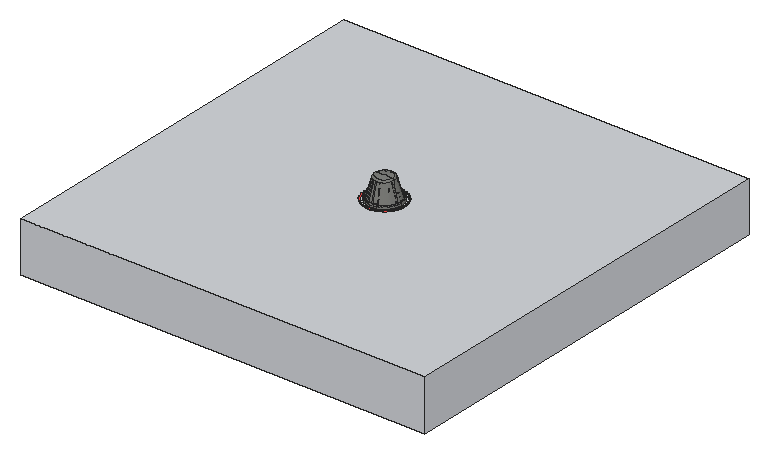
Revit family
Parameters (values of type "This family is not loaded correctly")
  Weight = 19.0 lbf
  WFU = 0
  URL = "http://www.wadedrains.com/"
  Type Comments = "This family is not loaded correctly"
  Strainer Radius = Strainer Diameter / 2  # 0' - 4 7/8"
  Strainer Diameter = 0' - 9 3/4"
  Model = "3200"
  Manufacturer = "Tyler Pipe / Wade Division"
  Free Area = 43.0 in²
  Dome Strainer Material = Metal - Tyler Pipe - Nickel Bronze
  Flow Rate = 0 GPM
  Description = "Cast iron roof drain with flashing clamp integral with gravel stop, cast iron beehive dome strainer and No-Hub bottom outlet."
  Pivot Distance = 0' - 10"
  Pipe Radius = Pipe Diameter / 2  # 1 1/2"
  Pipe Diameter = 3"
  Offset [instance] = 0' - 0"
  Default Elevation = 4' - 0"
  Drain Body Material = Metal - Tyler Pipe - Cast Iron
  Gravel Stop Material = Metal - Tyler Pipe - Nickel Bronze
  CALC_TY Length = 0' - 2 5/32"
  CALC_Connector = 0' - 2"
  CALC_Offset [instance] = 0' 10" + Offset  # 0' - 10"
  CALC_C = 0' - 2"
  CALC_B = 0' - 4"
  Assembly Code = "D2040200"
  Allow Slope Adjustments [instance] = no
Reference planes (in)
  plane 1 "Center (Front/Back)": y = 0
  plane 2: z = 0
  plane 3 "Center (Left/Right)": x = 0
  plane 4 "Top": z = 0
  plane 5 "Housing Bottom": z = -3.375
  plane 6 "Pivot": z = -10
  plane 7 "Floor": z = 0
  plane 8 "Strainer Displacement": z = 0
  plane 9 "Bottom Body Top": z = -2
  plane 10 "Bottom Drain Body": z = -4
  plane 11 "C": z = -2
  plane 12 "Pipe Connector": z = -4
  plane 13: x = 1.5
  plane 14: x = -1.5
  plane 15: x = 1.5
  plane 16: y = -1.5
  plane 17: y = 1.5
  plane 18: z = 0
  plane 19 "Left": x = -4.875
  plane 20 "Right": x = 4.875
  plane 21 "Front": y = -4.875
  plane 22 "Back": y = 4.875
  plane 23: z = 0.29564
  plane 24: z = 4.54564
Forms (in)
  Extrusion 1, solid
    sketch origin (0, 0, 0) x (1, 0, 0) y (0, 1, 0)
      loop
        line (-48, 48) -> (-48, -48) -> (48, -48) -> (48, 48) -> (-48, 48)
    from 0 to -12
  Revolve 2, solid, material "Metal - Tyler Pipe - Nickel Bronze" <- "Dome Strainer Material", detail levels fine
    sketch origin (0, 0, 0) x (1, 0, 0) y (0, 0, 1)
      loop
        line (-2.30691, 4.57816) -> (-3.55941, -0.09625) -> (0, -0.09625) -> (0, 5.12549)
        arc (0, 5.12549) -> (-0.96447, 5.07887) -> (-1.91994, 4.93945) r 10
        arc (-1.91994, 4.93945) -> (-2.16517, 4.81422) -> (-2.30691, 4.57816) r 0.5
      axis (0, 5.12549) -> (0, -0.09625)
    angle from 0 to 360
  Revolve 3, solid, material "Metal - Tyler Pipe - Nickel Bronze" <- "Gravel Stop Material", detail levels fine
    sketch origin (0, 0, 0) x (1, 0, 0) y (0, 0, 1)
      loop
        line (-4.13326, -0.09625) -> (-3.32654, -0.56201) -> (0, -0.56201) -> (0, -0.19076) -> (-3.78105, -0.19076) -> (-3.8207, 0.56577)
        arc (-3.8207, 0.56577) -> (-3.84009, 0.60784) -> (-3.88312, 0.625) r 0.0625
        line (-3.88312, 0.625) -> (-3.95527, 0.625)
        arc (-3.95527, 0.625) -> (-3.99829, 0.60784) -> (-4.01769, 0.56577) r 0.0625
        line (-4.01769, 0.56577) -> (-4.04947, -0.04079)
        arc (-4.04947, -0.04079) -> (-4.07739, -0.08964) -> (-4.13326, -0.09625) r 0.0625
      axis (0, 0.625) -> (0, -0.56201)
    angle from 0 to 360
  Revolve 4, solid, material "Metal - Tyler Pipe - Cast Iron" <- "Drain Body Material", detail levels fine
    sketch origin (0, 0, 0) x (1, 0, 0) y (0, 0, 1)
      loop
        line (-4.87065, -0.21831) -> (-4.67247, -0.21831) -> (-4.1077, -0.67618)
        arc (-4.1077, -0.67618) -> (-3.9691, -0.75388) -> (-3.8125, -0.78081) r 0.46875
        line (-3.8125, -0.78081) -> (-3.29718, -0.78081)
        arc (-3.29718, -0.78081) -> (-3.14499, -0.83247) -> (-3.0557, -0.96611) r 0.25
        line (-3.0557, -0.96611) -> (-2.82891, -1.8125)
        arc (-2.82891, -1.8125) -> (-2.74802, -1.97654) -> (-2.61051, -2.09713) r 0.46875
        line (-2.61051, -2.09713) -> (-1.82444, -2.55096) -> (0, -2.55096) -> (0, -0.56206) -> (-3.8125, -0.56206)
        arc (-3.8125, -0.56206) -> (-3.89602, -0.5477) -> (-3.96994, -0.50626) r 0.25
        line (-3.96994, -0.50626) -> (-4.33329, -0.1593)
        arc (-4.33329, -0.1593) -> (-4.51668, -0.04131) -> (-4.7308, 0) r 0.57559
        line (-4.7308, 0) -> (-4.79188, 0)
        arc (-4.79188, 0) -> (-4.83588, -0.01711) -> (-4.85675, -0.05944) r 0.06512
        line (-4.85675, -0.05944) -> (-4.87065, -0.21831)
      axis (0, 0) -> (0, -2.55096)
    angle from 0 to 360
  Extrusion 5, solid, not visible
    sketch origin (0, 0, 0) x (-1, 0, 0) y (0, -1, 0)
      loop
        circle (0, 0) r 1.5
    from 0 to -4
  Revolve 6, solid, material "Metal - Tyler Pipe - Cast Iron" <- "Drain Body Material", detail levels fine
    sketch origin (0, 0, 0) x (1, 0, 0) y (0, 0, 1)
      loop
        line (1.75, -4) -> (1.75, -1.84375) -> (0, -1.84375) -> (0, -4) -> (1.75, -4)
      axis (0, -1.84375) -> (0, -4)
    angle from 0 to 360
  Extrusion 7, void
    sketch origin (0, 0, 0) x (1, 0, 0) y (0, 0, 1)
      loop
        line (-0.125, 0.29564) -> (0.125, 0.29564) -> (0.125, 4.54564) -> (-0.125, 4.54564) -> (-0.125, 0.29564)
    from -3.58067 to 3.4201
  Extrusion 8, void
    sketch origin (-0.05861, -0.01033, 0) x (0.939693, 0.34202, 0) y (0, 0, 1)
      loop
        line (-0.125, 0.29564) -> (0.125, 0.29564) -> (0.125, 4.54564) -> (-0.125, 4.54564) -> (-0.125, 0.29564)
    from -4.96509 to 5.30781
  Extrusion 9, void
    sketch origin (-0.11015, -0.04009, 0) x (0.766044, 0.642788, 0) y (0, 0, 1)
      loop
        line (-0.125, 0.29564) -> (0.125, 0.29564) -> (0.125, 4.54564) -> (-0.125, 4.54564) -> (-0.125, 0.29564)
    from -3.47536 to 3.73752
  Extrusion 10, void
    sketch origin (-0.1484, -0.08568, 0) x (0.5, 0.866025, 0) y (0, 0, 1)
      loop
        line (-0.125, 0.29564) -> (0.125, 0.29564) -> (0.125, 4.54564) -> (-0.125, 4.54564) -> (-0.125, 0.29564)
    from -4.96509 to 5.30781
  Extrusion 11, void
    sketch origin (-0.16876, -0.1416, 0) x (0.173648, 0.984808, 0) y (0, 0, 1)
      loop
        line (-0.125, 0.29564) -> (0.125, 0.29564) -> (0.125, 4.54564) -> (-0.125, 4.54564) -> (-0.125, 0.29564)
    from -3.39994 to 3.77295
  Extrusion 12, void
    sketch origin (-0.16876, -0.20112, 0) x (-0.173648, 0.984808, 0) y (0, 0, 1)
      loop
        line (-0.125, 0.29564) -> (0.125, 0.29564) -> (0.125, 4.54564) -> (-0.125, 4.54564) -> (-0.125, 0.29564)
    from -3.52041 to 3.76363
  Extrusion 13, void
    sketch origin (-0.1484, -0.25704, 0) x (-0.5, 0.866025, 0) y (0, 0, 1)
      loop
        line (-0.125, 0.29564) -> (0.125, 0.29564) -> (0.125, 4.54564) -> (-0.125, 4.54564) -> (-0.125, 0.29564)
    from -4.96509 to 5.30781
  Extrusion 14, void
    sketch origin (-0.11015, -0.30263, 0) x (-0.766044, 0.642788, 0) y (0, 0, 1)
      loop
        line (-0.125, 0.29564) -> (0.125, 0.29564) -> (0.125, 4.54564) -> (-0.125, 4.54564) -> (-0.125, 0.29564)
    from -3.48889 to 3.9266
  Extrusion 15, void
    sketch origin (-0.05861, -0.33239, 0) x (-0.939693, 0.34202, 0) y (0, 0, 1)
      loop
        line (-0.125, 0.29564) -> (0.125, 0.29564) -> (0.125, 4.54564) -> (-0.125, 4.54564) -> (-0.125, 0.29564)
    from -4.96509 to 5.30781
Cuts and joins
  Extrusion 7, Extrusion 8, Extrusion 9, Extrusion 10, Extrusion 11, Extrusion 12, Extrusion 13, Extrusion 14, Extrusion 15 cuts Revolve 2
  Extrusion 7, Extrusion 8, Extrusion 9, Extrusion 10, Extrusion 11, Extrusion 12, Extrusion 13, Extrusion 14, Extrusion 15 cuts Revolve 3
Lines and regions (in)
  Masking region 1, detail levels medium+fine
    outline origin (0, 0, 0) x (1, 0, 0) y (0, 0, 1)
      loop
        line (-4.875, 0) -> (-4.875, -0.5) -> (-2, -2) -> (-2, -4) -> (2, -4) -> (2, -2) -> (4.875, -0.5) -> (4.875, 0) -> (3.5333, 0) -> (2.16025, 5.12426) -> (-2.16025, 5.12426) -> (-3.5333, 0) -> (-4.875, 0)
  Masking region 2, detail levels medium+fine
    outline origin (0, 0, 0) x (0, 1, 0) y (0, 0, 1)
      loop
        line (-4.875, 0) -> (-4.875, -0.5) -> (-2, -2) -> (-2, -4) -> (2, -4) -> (2, -2) -> (4.875, -0.5) -> (4.875, 0) -> (3.5333, 0) -> (2.16025, 5.12426) -> (-2.16025, 5.12426) -> (-3.5333, 0) -> (-4.875, 0)
  Masking region 3
    outline origin (0, 0, 0) x (-1, 0, 0) y (0, -1, 0)
      loop
        circle (0, 0) r 4.875
  Masking region 4, detail levels coarse
    outline origin (0, 0, 0) x (1, 0, 0) y (0, 0, 1)
      loop
        line (-4.875, -0.5) -> (4.875, -0.5) -> (4.875, 0) -> (3.5333, 0) -> (2.16025, 5.12426) -> (-2.16025, 5.12426) -> (-3.5333, 0) -> (-4.875, 0) -> (-4.875, -0.5)
  Masking region 5, detail levels coarse
    outline origin (0, 0, 0) x (0, 1, 0) y (0, 0, 1)
      loop
        line (-4.875, -0.5) -> (4.875, -0.5) -> (4.875, 0) -> (3.5333, 0) -> (2.16025, 5.12426) -> (-2.16025, 5.12426) -> (-3.5333, 0) -> (-4.875, 0) -> (-4.875, -0.5)
  model lines, detail levels coarse+medium
    curve 1: circle (0, 0, 0) r 4.875 normal (0, 0, 1)
    curve 2: line (0, 0, 0) -> (0, 0, -4)
  symbolic lines, detail levels fine
    curve 3: line (-2, 0, -2) -> (2, 0, -2)
    curve 6: line (0, 2, -2) -> (0, -2, -2)
    curve 7: line (-4.875, 0, -0.5) -> (4.875, 0, -0.5)
    curve 8: line (-3.5333, 0, 0) -> (3.5333, 0, 0)
    curve 9: line (0, -4.875, -0.5) -> (0, 4.875, -0.5)
    curve 10: line (0, -3.5333, 0) -> (0, 3.5333, 0)
  symbolic lines, detail levels coarse
    curve 4: line (0, 0, -4) -> (0, 0, -0.5)
    curve 5: line (0, 0, -4) -> (0, 0, -0.5)
Dimensions and locks (in)
  locked: plane 4 "Top" to plane 5 "Housing Bottom" at 3.375
  "CALC_Offset": plane 4 "Top" to plane 6 "Pivot"
  locked: plane 7 "Floor" to plane 6 "Pivot" at 10
  locked: plane 4 "Top" to plane 8 "Strainer Displacement" at 0
  "CALC_C": plane 11 "C" to plane 10 "Bottom Drain Body"
  "CALC_B": plane 8 "Strainer Displacement" to plane 10 "Bottom Drain Body"
  "CALC_Connector": plane 11 "C" to plane 12 "Pipe Connector"
  "Pipe Radius": plane 13 to plane 3 "Center (Left/Right)"
  locked: Revolve 6 sketch curve to plane 13 at 0.25
  locked: Masking region 4 sketch curve to Masking region 4 sketch curve at 0.5
  locked: Masking region 5 sketch curve to Masking region 5 sketch curve at 0.5
  "Pipe Radius": plane 3 "Center (Left/Right)" to plane 14
  "Pipe Radius": plane 15 to plane 3 "Center (Left/Right)"
  Masking region 1 sketch curve to plane 14 = 0' - 0 1/2"
  locked: plane 15 to Masking region 1 sketch curve at 0.5
  locked: Masking region 2 sketch curve to plane 16 at 0.5
  locked: plane 17 to Masking region 2 sketch curve at 0.5
  "Pipe Radius": plane 16 to plane 1 "Center (Front/Back)"
  "Pipe Radius": plane 1 "Center (Front/Back)" to plane 17
  equal spacing: plane 19 "Left", plane 3 "Center (Left/Right)", plane 20 "Right"
  "Strainer Radius": plane 19 "Left" to plane 3 "Center (Left/Right)"
  equal spacing: plane 22 "Back", plane 1 "Center (Front/Back)", plane 21 "Front"
  "Strainer Radius": plane 1 "Center (Front/Back)" to plane 21 "Front"
  "CALC_TY Length": Revolve 6 sketch curve to plane 10 "Bottom Drain Body"
  locked: plane 4 "Top" to Revolve 3 sketch curve at 0.19076
  locked: plane 4 "Top" to Revolve 3 sketch curve at 0.56201
  locked: Revolve 3 sketch curve to plane 4 "Top" at 0.625
  locked: Revolve 3 sketch curve to Revolve 3 sketch curve at 4.11189
  locked: Revolve 3 sketch curve to Revolve 3 sketch curve at 3.95527
  locked: Revolve 3 sketch curve to Revolve 3 sketch curve at 3.88312
  locked: Revolve 3 sketch curve to Revolve 3 sketch curve at 3.78105
  locked: Revolve 3 sketch curve to Revolve 3 sketch curve at 3.32654
  locked: Revolve 3 sketch curve to Revolve 3 sketch curve at 4.13326
  locked: Revolve 3 sketch curve to Revolve 3 sketch curve at 4.04947
  locked: Revolve 3 sketch curve to Revolve 3 sketch curve at 4.01769
  locked: plane 4 "Top" to Revolve 2 sketch curve at 0.09625
  locked: Revolve 2 sketch curve to plane 4 "Top" at 5.12549
  locked: Revolve 2 sketch curve to plane 4 "Top" at 4.44875
  locked: Revolve 2 sketch curve to Revolve 2 sketch curve at 1.82395
  locked: Revolve 2 sketch curve to Revolve 2 sketch curve at 3.55941
  locked: Masking region 1 sketch curve to plane 4 "Top" at 5.12426
  locked: plane 4 "Top" to Masking region 1 sketch curve at 0.5  (x2)
  locked: plane 4 "Top" to Masking region 2 sketch curve at 0.5  (x2)
  locked: Masking region 2 sketch curve to plane 4 "Top" at 5.12426
  locked: plane 23 to plane 4 "Top" at 0.29564
  locked: plane 4 "Top" to Revolve 4 sketch curve at 0.21831
  locked: plane 4 "Top" to Revolve 4 sketch curve at 0.56206
  locked: plane 4 "Top" to Revolve 4 sketch curve at 0.78081
  locked: plane 4 "Top" to Revolve 4 sketch curve at 2.55096
  locked: plane 4 "Top" to Revolve 4 sketch curve at 0.06512
  locked: plane 4 "Top" to Revolve 4 sketch curve at 0.57559
  locked: plane 4 "Top" to Revolve 4 sketch curve at 1.03081
  locked: plane 4 "Top" to Revolve 4 sketch curve at 1.69118
  locked: plane 4 "Top" to Revolve 4 sketch curve at 0.31206  (x2)
  locked: plane 4 "Top" to Revolve 4 sketch curve at 0.05944
  locked: plane 4 "Top" to Revolve 4 sketch curve at 0.1593
  locked: plane 4 "Top" to Revolve 4 sketch curve at 0.50626
  locked: plane 4 "Top" to Revolve 4 sketch curve at 0.67618
  locked: plane 4 "Top" to Revolve 4 sketch curve at 0.96611
  locked: plane 4 "Top" to Revolve 4 sketch curve at 1.8125
  locked: plane 4 "Top" to Revolve 4 sketch curve at 2.09713
  locked: plane 24 to plane 23 at 4.25
  locked: Revolve 3 sketch curve to plane 4 "Top" at 0.56577  (x2)
  locked: plane 4 "Top" to Revolve 3 sketch curve at 0.04079
  locked: plane 4 "Top" to Revolve 3 sketch curve at 0.09625
  locked: Masking region 4 sketch curve to plane 4 "Top" at 5.12426
  locked: Masking region 5 sketch curve to plane 4 "Top" at 5.12426
  locked: plane 3 "Center (Left/Right)" to Masking region 1 sketch curve at 3.5333
  locked: Masking region 1 sketch curve to plane 3 "Center (Left/Right)" at 3.5333
  locked: Masking region 1 sketch curve to plane 3 "Center (Left/Right)" at 2.16025
  locked: plane 3 "Center (Left/Right)" to Masking region 1 sketch curve at 2.16025
  locked: Masking region 2 sketch curve to plane 1 "Center (Front/Back)" at 3.5333
  locked: plane 1 "Center (Front/Back)" to Masking region 2 sketch curve at 3.5333
  locked: Masking region 2 sketch curve to plane 1 "Center (Front/Back)" at 2.16025
  locked: plane 1 "Center (Front/Back)" to Masking region 2 sketch curve at 2.16025
  "Pipe Radius": radius of Extrusion 5 sketch curve
  "Strainer Radius": radius of Masking region 3 sketch curve
  "Strainer Radius": radius of curve 1
  aligned and locked: plane 2 to Extrusion 1
  aligned and locked: level to Extrusion 1
  aligned and locked: plane 2 to plane 7 "Floor"
  aligned and locked: plane 9 "Bottom Body Top" to plane 11 "C"
  aligned and locked: Extrusion 5 to plane 8 "Strainer Displacement"
  aligned and locked: Extrusion 5 to plane 12 "Pipe Connector"
  aligned and locked: plane 4 "Top" to curve 2
  aligned and locked: plane 10 "Bottom Drain Body" to curve 2
  aligned and locked: plane 10 "Bottom Drain Body" to Revolve 6 sketch curve
  aligned and locked: Masking region 1 sketch curve to plane 10 "Bottom Drain Body"
  aligned and locked: Masking region 2 sketch curve to plane 10 "Bottom Drain Body"
  aligned and locked: plane 4 "Top" to Masking region 4 sketch curve  (x2)
  aligned and locked: plane 3 "Center (Left/Right)" to curve 4
  aligned and locked: Masking region 4 to curve 4
  aligned and locked: plane 4 "Top" to Masking region 5 sketch curve  (x2)
  aligned and locked: plane 10 "Bottom Drain Body" to curve 5
  aligned and locked: Masking region 5 to curve 5
  aligned and locked: plane 4 "Top" to plane 18
  aligned and locked: Masking region 4 sketch curve to plane 19 "Left"
  aligned and locked: Masking region 4 sketch curve to plane 20 "Right"
  aligned and locked: curve 8 to plane 8 "Strainer Displacement"
  aligned and locked: curve 10 to plane 8 "Strainer Displacement"
  aligned and locked: Masking region 5 sketch curve to plane 21 "Front"
  aligned and locked: Masking region 5 sketch curve to plane 22 "Back"
  aligned and locked: curve 3 to Masking region 1
  aligned and locked: Masking region 1 to curve 3
  aligned and locked: curve 6 to Masking region 2
  aligned and locked: Masking region 2 to curve 6
  aligned and locked: Revolve 4 sketch curve to plane 3 "Center (Left/Right)"
  aligned and locked: Revolve 3 sketch curve to plane 3 "Center (Left/Right)"
  aligned and locked: Revolve 3 sketch curve to Revolve 3 sketch curve
  aligned and locked: Masking region 1 sketch curve to plane 4 "Top"
  aligned and locked: plane 4 "Top" to Masking region 1 sketch curve
  aligned and locked: Masking region 2 sketch curve to plane 4 "Top"  (x2)
  aligned and locked: cut or joined group 1 (Revolve 3, Extrusion 7, Extrusion 8, Extrusion 9, Extrusion 10, Extrusion 11, Extrusion 12, Extrusion 13, Extrusion 14, Extrusion 15) to Extrusion 7
  aligned and locked: plane 23 to cut or joined group 2 (Revolve 2, Extrusion 7, Extrusion 8, Extrusion 9, Extrusion 10, Extrusion 11, Extrusion 12, Extrusion 13, Extrusion 14, Extrusion 15)
  aligned and locked: Revolve 4 sketch curve to plane 4 "Top"
  aligned and locked: cut or joined group 2 to plane 24
  aligned and locked: Extrusion 8 to Extrusion 7  (x2)
  aligned and locked: Extrusion 8 to cut or joined group 1
  aligned and locked: Extrusion 9 to Extrusion 8
  aligned and locked: Extrusion 9 to Extrusion 7  (x2)
  aligned and locked: Extrusion 14 to Extrusion 7  (x2)
  aligned and locked: Extrusion 11 to Extrusion 7  (x2)
  aligned and locked: Extrusion 10 to Extrusion 7  (x2)
  aligned and locked: Extrusion 10 to cut or joined group 1
  aligned and locked: Extrusion 12 to Extrusion 7  (x2)
  aligned and locked: Extrusion 13 to Extrusion 7  (x2)
  aligned and locked: Extrusion 15 to Extrusion 7  (x2)
Automatic sketch dimensions
  Extrusion 1 sketch curve to Extrusion 1 sketch curve = 8' - 0"  (x2)
  Revolve 2 sketch curve to plane 3 "Center (Left/Right)" = 0' - 0"  (x2)
  Revolve 2 sketch curve to Revolve 2 sketch curve = 0' - 0.48296"
  Revolve 2 sketch curve to Revolve 2 sketch curve = 0' - 0.096"
  Revolve 2 sketch curve to Revolve 2 sketch curve = 0' - 0"
  Revolve 2 sketch curve to Revolve 2 sketch curve = 0' - 0.27875"
  level to Revolve 2 sketch curve = 0' - 0.67126"
  Revolve 3 sketch curve to Revolve 3 sketch curve = 0' - 0.06241"
  level to Revolve 3 sketch curve = 0' - 0.03577"
  Revolve 3 sketch curve to Revolve 3 sketch curve = 0' - 1.21423"
  Revolve 4 sketch curve to Revolve 4 sketch curve = 0' - 0"
  Revolve 4 sketch curve to plane 3 "Center (Left/Right)" = 0' - 0"
  plane 19 "Left" to Revolve 4 sketch curve = 0' - 0.01825"
  Revolve 4 sketch curve to Revolve 4 sketch curve = 0' - 0.2184"
  Revolve 4 sketch curve to Revolve 4 sketch curve = 0' - 0.78606"
  plane 5 "Housing Bottom" to Revolve 4 sketch curve = 0' - 0.36059"
  level to Revolve 4 sketch curve = 0' - 1 1/4"
  plane 1 "Center (Front/Back)" to Extrusion 5 sketch curve = 0' - 0"
  Extrusion 5 sketch curve to plane 3 "Center (Left/Right)" = 0' - 0"
  plane 1 "Center (Front/Back)" to curve 1 = 0' - 0"
  curve 1 to plane 3 "Center (Left/Right)" = 0' - 0"
  Revolve 6 sketch curve to plane 3 "Center (Left/Right)" = 0' - 0"  (x2)
  Revolve 6 sketch curve to plane 10 "Bottom Drain Body" = 0' - 1 5/8"
  Revolve 6 sketch curve to level = 0' - 0 1/2"
  Masking region 1 sketch curve to plane 19 "Left" = 0' - 0"
  plane 20 "Right" to Masking region 1 sketch curve = 0' - 0"
  Masking region 1 sketch curve to plane 9 "Bottom Body Top" = 0' - 0"  (x2)
  Masking region 2 sketch curve to plane 21 "Front" = 0' - 0"
  Masking region 2 sketch curve to plane 22 "Back" = 0' - 0"
  plane 9 "Bottom Body Top" to Masking region 2 sketch curve = 0' - 0"  (x2)
  plane 1 "Center (Front/Back)" to Masking region 3 sketch curve = 0' - 0"
  Masking region 3 sketch curve to plane 3 "Center (Left/Right)" = 0' - 0"
  Extrusion 7 sketch curve to plane 3 "Center (Left/Right)" = 0' - 0 1/8"
  plane 3 "Center (Left/Right)" to Extrusion 7 sketch curve = 0' - 0 1/8"
  level to Extrusion 7 sketch curve = 0' - 0.29564"
  Extrusion 7 sketch curve to Extrusion 7 sketch curve = 0' - 4 1/4"
  level to Extrusion 8 sketch curve = 0' - 4.54564"
  Extrusion 8 sketch curve to Extrusion 8 sketch curve = 0' - 0 1/4"
  level to Extrusion 8 sketch curve = 0' - 0.29564"
  level to Extrusion 9 sketch curve = 0' - 4.54564"
  Extrusion 9 sketch curve to Extrusion 9 sketch curve = 0' - 0 1/4"
  level to Extrusion 9 sketch curve = 0' - 0.29564"
  level to Extrusion 10 sketch curve = 0' - 4.54564"
  Extrusion 10 sketch curve to Extrusion 10 sketch curve = 0' - 0 1/4"
  level to Extrusion 10 sketch curve = 0' - 0.29564"
  level to Extrusion 11 sketch curve = 0' - 4.54564"
  Extrusion 11 sketch curve to Extrusion 11 sketch curve = 0' - 0 1/4"
  level to Extrusion 11 sketch curve = 0' - 0.29564"
  level to Extrusion 12 sketch curve = 0' - 4.54564"
  Extrusion 12 sketch curve to Extrusion 12 sketch curve = 0' - 0 1/4"
  level to Extrusion 12 sketch curve = 0' - 0.29564"
  level to Extrusion 13 sketch curve = 0' - 4.54564"
  Extrusion 13 sketch curve to Extrusion 13 sketch curve = 0' - 0 1/4"
  level to Extrusion 13 sketch curve = 0' - 0.29564"
  level to Extrusion 14 sketch curve = 0' - 4.54564"
  Extrusion 14 sketch curve to Extrusion 14 sketch curve = 0' - 0 1/4"
  level to Extrusion 14 sketch curve = 0' - 0.29564"
  level to Extrusion 15 sketch curve = 0' - 4.54564"
  Extrusion 15 sketch curve to Extrusion 15 sketch curve = 0' - 0 1/4"
  level to Extrusion 15 sketch curve = 0' - 0.29564"
  Revolve 4 sketch curve to Revolve 4 sketch curve = 0' - 0.22679"
  Revolve 4 sketch curve to Revolve 4 sketch curve = 0' - 0.06109"
  Revolve 4 sketch curve to Revolve 4 sketch curve = 0' - 0.22559"
  Revolve 4 sketch curve to Revolve 4 sketch curve = 0' - 0.51532"
  plane 19 "Left" to Revolve 4 sketch curve = 0' - 0.00435"
  Revolve 4 sketch curve to Revolve 4 sketch curve = 0' - 0.11942"
  curve 7 to plane 19 "Left" = 0' - 0"
  plane 20 "Right" to curve 7 = 0' - 0"
  curve 3 to plane 9 "Bottom Body Top" = 0' - 0"
  plane 19 "Left" to curve 8 = 0' - 1.3417"
  plane 20 "Right" to curve 8 = 0' - 1.3417"
  curve 9 to plane 21 "Front" = 0' - 0"
  curve 5 to plane 1 "Center (Front/Back)" = 0' - 0"
  curve 9 to plane 22 "Back" = 0' - 0"
  plane 9 "Bottom Body Top" to curve 6 = 0' - 0"
  plane 21 "Front" to curve 10 = 0' - 1.3417"
  plane 22 "Back" to curve 10 = 0' - 1.3417"
  Masking region 4 sketch curve to Masking region 4 sketch curve = 0' - 1.3417"
  Masking region 4 sketch curve to plane 3 "Center (Left/Right)" = 0' - 2.16025"
  plane 3 "Center (Left/Right)" to Masking region 4 sketch curve = 0' - 2.16025"
  plane 20 "Right" to Masking region 4 sketch curve = 0' - 1.3417"
  Masking region 5 sketch curve to Masking region 5 sketch curve = 0' - 1.3417"  (x2)
  plane 1 "Center (Front/Back)" to Masking region 5 sketch curve = 0' - 2.16025"
  Masking region 5 sketch curve to plane 1 "Center (Front/Back)" = 0' - 2.16025"
Connectors (in)
  piping at (0, 0, -4), driven by "Allow Slope Adjustments", driven by "WFU", driven by "Pipe Radius", driven by "Flow Rate"
    settings: on Extrusion 5, index 1, connector radius 1 1/2", flow factor 0, pipe flow 0 GPM, pressure drop 0.00 psi, fitting loss kfactor 0, connector angle 0.00°, fixture units 0, flow configuration 1, flow direction 2, fitting loss method 0, system type 16, connector reference index -1, connector utility 0, adjustable connector no, is connector primary yes, fitting loss table "", connector description "Sanitary Outlet"
